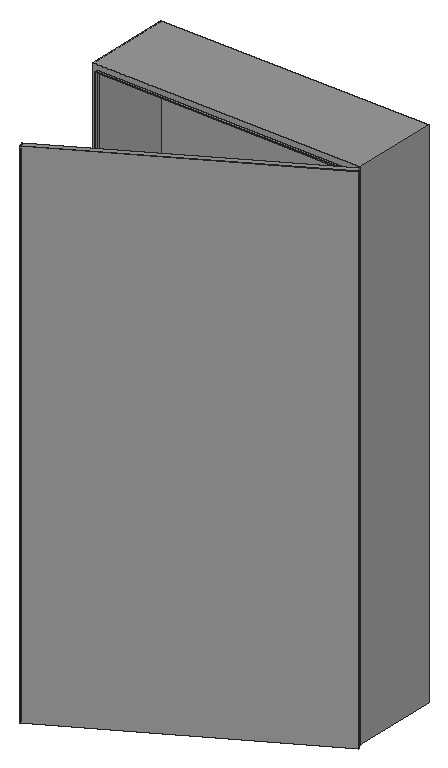
Revit family "Hager-Univers-IP55-D275-H1550-Cl.II-Steel_encl-NoHosted-PT-pt", category Electrical Equipment, Revit 2020
Family settings
  Panel Configuration = Two Columns, Circuits Across
  Round Connector Dimension = Use Diameter
  Part Type = Panelboard
  Work Plane-Based = Yes
  Always vertical = Yes
  Cut with Voids When Loaded = No
  Shared = No
  Room Calculation Point = No
Parameters (values of type "Montagem em superfície (gesso) IP55 L800 A1550 P275  - FR03S")
  Width Control [instance] = if([EF000008 - Largura] > Min Width, [EF000008 - Largura], Min Width)  # 800 mm
  Type Comments = [HG000003 - Gama]  # "Univers"
  Thickness Door [instance] = if([EF009171 - Espessura do material da porta/tampa] > 3 mm, 3 mm, [EF009171 - Espessura do material da porta/tampa])  # 1.5 mm
  Seal Frame Offset [instance] = 17 mm  # constant formula
  Plinth Visibility [instance] = [HG000027 - Altura da Plinta] > 0 mm  # no
  Min Width [instance] = 100 mm  # constant formula
  Min Depth [instance] = (2 * [EF009170 - Espessura do material do invólucro]) + 1 mm  # 4 mm
  Min Height [instance] = 100 mm  # constant formula
  Internal Frame Depth [instance] = (Door System Depth * 0.5)  # 9 mm
  Panel Name [instance] = ""  # (empty or 0)
  Model = ""
  HG000027 - Altura da Plinta = 0 mm
  HG000026 - Instalação no chão = no
  HG000024 - Altura da secção inferior = 600 mm
  HG000023 - Recinto de secção dupla = no
  HG000016 - Visibilidade da porta 3D [instance] = yes
  HG000015 - Visibilidade através da porta [instance] = no
  HG000014 - Porta à direita [instance] = yes
  HG000013 - Porta à esquerda [instance] = not([HG000014 - Porta à direita])  # no
  HG000012 - Ângulo de abertura de porta [instance] = 30.00°
  HG000010 - Portas assimétricas = no
  HG000009 - Porta dupla = no
  HG000006 - Encastrado = no
  HG000004 - Referência do Fabricante = "FR03S"
  HG000003 - Gama = "Univers"
  HG000002 - Com porta ou tampa = yes
  Frame Offset Bottom [instance] = 10 mm  # constant formula
  Frame Offset [instance] = 15 mm  # constant formula
  EF015940 - Tampa com libertação de sobrepressão = no
  EF011959 - Grau de proteção (NEMA) = ""
  EF009554 - Número de aberturas para placas de flange = 6
  EF009212 - Tipo de tampa = "EV000116 - Fechado"
  EF009171 - Espessura do material da porta/tampa = 1.5 mm
  EF009170 - Espessura do material do invólucro = 1.5 mm
  EF008873 - Corrente nominal (In) = 800 A
  EF007800 - Adequado para proteção contra raios = no
  EF006306 - Com fecho = no
  EF006244 - Tampa/porta transparente = no
  EF005474 - Grau de proteção (IP) = "EV006420 - IP55"
  EF004464 - Tipo de porta = "EV002646 - Único"
  EF004427 - Número de módulos = 360
  EF004293 - Força de impacto = "EV008784 - IK10"
  EF003532 - Adequado para uso no exterior = no
  EF002950 - Largura em número de módulos = 24
  EF001613 - Integridade do circuito = "EV000494 - Nenhum"
  EF001596 - Material do corpo = "EV000179 - Aço"
  EF001131 - Profundidade interior = 275 mm
  EF001088 - Extensão possível = yes
  EF000437 - Número de entradas de condutores = 6
  EF000339 - Tipo de difusor = "EV004216 - Porta"
  EF000266 - Número de linhas = 10
  EF000218 - Profundidade incorporada = 0 mm
  EF000118 - Com tampa de montagem = no
  EF000116 - Número RAL = "7035"
  EF000049 - Profundidade = 275 mm
  EF000040 - Altura = 1550 mm
  EF000008 - Largura = 800 mm
  EF000007 - Cor = "EV000270 - Cinzento"
  EF000003 - Método de montagem = "EV000384 - Montagem em superfície (gesso)"
  Door System Leaf Tolerance [instance] = 1.5 mm  # constant formula
  Door System Depth [instance] = 18 mm  # constant formula
  Door Height [instance] = Height Control - [HG000027 - Altura da Plinta]  # 1550 mm
  Description = ""
  Default Elevation = 1219.2 mm
  Connector Offset [instance] = Height Control / 2  # 775 mm
  Manufacturer = "Hager"  # constant formula
  Height Control [instance] = if([EF000040 - Altura] > Min Height, [EF000040 - Altura], Min Height)  # 1550 mm
  Depth Control [instance] = if([EF000049 - Profundidade] > Min Depth, [EF000049 - Profundidade], Min Depth)  # 275 mm
  Bottom Top Plate Trim [instance] = 1.5 mm  # constant formula
  Plinth height Ctrl [instance] = if([HG000027 - Altura da Plinta] > 0 mm, [HG000027 - Altura da Plinta], 12 mm)  # 12 mm
Types (5, lengths in mm): name | Width Control | HG000010 - Portas assimétricas | HG000009 - Porta dupla | HG000004 - Referência do Fabricante | EF009554 - Número de aberturas para placas de flange | EF004464 - Tipo de porta | EF004427 - Número de módulos | EF000437 - Número de entradas de condutores | EF000008 - Largura
  Montagem em superfície (gesso) IP55 L1050 A1550 P275  - FR04S | 1050 | no | yes | "FR04S" | 8 | "EV003602 - Duplo" | 480 | 8 | 1050
  Montagem em superfície (gesso) IP55 L1300 A1550 P275  - FR05S | 1300 | yes | yes | "FR05S" | 10 | "EV003602 - Duplo" | 600 | 10 | 1300
  Montagem em superfície (gesso) IP55 L300 A1550 P275  - FR01S | 300 | no | no | "FR01S" | 2 | "EV002646 - Único" | 120 | 2 | 300
  Montagem em superfície (gesso) IP55 L550 A1550 P275  - FR02S | 550 | no | no | "FR02S" | 4 | "EV002646 - Único" | 240 | 4 | 550
  Montagem em superfície (gesso) IP55 L800 A1550 P275  - FR03S | 800 | no | no | "FR03S" | 6 | "EV002646 - Único" | 360 | 6 | 800
Reference planes
  plane 1 "Center (Front/Back)": y = 0
  plane 2: z = 0
  plane 3 "Center (Left/Right)": x = 0
  plane 4: y = 0
  plane 5: y = 0
  plane 6: z = 0
  plane 7: x = -400
  plane 8: x = 400
  plane 9: x = 398.5
  plane 10: x = -398.5
  plane 11: z = 0
  plane 12: z = 1.5
  plane 13: y = -275
  plane 14: y = -1.5
  plane 15: x = 0
  plane 16: y = -257
  plane 17: y = -273.5
  plane 18: y = -255.5
  plane 19: x = -383.5
  plane 20: x = 383.5
  plane 21: z = 11.5
  plane 22: x = -383
  plane 23: x = 383
  plane 24: z = 0
  plane 25: z = 1550
  plane 26: z = 1550
  plane 27: z = 1533.5
  plane 28: z = 1548.5
Forms (mm)
  Extrusion 1, solid, material "Hager_Steel_RAL7035_Light_Grey", detail levels medium+fine
    sketch origin (-208.679, -4572, 0) x (-1, 0, 0) y (0, -1, 0)
      loop
        line (191.321, -4315) -> (-608.679, -4315) -> (-608.679, -4572) -> (191.321, -4572) -> (191.321, -4315)
    from 0 to 1550
  Extrusion 2, void
    sketch origin (-350.771, -275, 1219.2) x (1, 0, 0) y (0, 0, 1)
      loop
        line (-47.729, 329.3) -> (-47.729, -1217.7) -> (749.271, -1217.7) -> (749.271, 329.3) -> (-47.729, 329.3)
    from -19.5 to -273.5
  Extrusion 3, void
    sketch origin (-290.084, -257, 1219.2) x (1, 0, 0) y (0, 0, 1)
      loop
        line (-93.416, -1207.7) -> (673.584, -1207.7) -> (673.584, 314.3) -> (-93.416, 314.3) -> (-93.416, -1207.7)
    from 0 to -1.5
  Extrusion 4, solid, material "Hager_Steel_RAL7035_Light_Grey", visible <- "Plinth Visibility", detail levels medium+fine
    sketch origin (0, 0, 0) x (1, 0, 0) y (0, 1, 0)
      loop
        line (-400, 0) -> (-400, -257) -> (400, -257) -> (400, 0) -> (-400, 0)
    from 0 to 12 <- "Plinth height Ctrl"
  Extrusion 5, solid, material "Hager_Steel_RAL7035_Light_Grey", detail levels coarse
    sketch origin (0, 0, 0) x (1, 0, 0) y (0, 1, 0)
      loop
        line (-400, 0) -> (-400, -275) -> (400, -275) -> (400, 0) -> (-400, 0)
    from 0 to 1550 <- "Height Control"
  Sweep 6, void
    path in 3D
      loop
        line (-400, -257, 12) -> (400, -257, 12) -> (400, 0, 12) -> (-400, 0, 12) -> (-400, -257, 12)
    profile origin (-400, -128.5, 12) x (1, 0, 0) y (0, 0, 1)
      loop
        line (0, 0) -> (0, -1.5) -> (1.5, -1.5)
        arc (1.5, -1.5) -> (1.061, -0.439) -> (0, 0) r 1.5
  Extrusion 7, solid, material "Hager_Steel_RAL7035_Light_Grey", detail levels fine
    sketch origin (-400, -257, 0) x (1, 0, 0) y (0, 0, 1)
      loop
        line (16.5, 11.5) -> (783.5, 11.5) -> (783.5, 1533.5) -> (16.5, 1533.5) -> (16.5, 11.5)
      loop
        line (15, 10) -> (785, 10) -> (785, 1535) -> (15, 1535) -> (15, 10)
    from 0 to 9 <- "Internal Frame Depth"
Cuts and joins
  Extrusion 2, Extrusion 3 cuts Extrusion 1
  Sweep 6 cuts Extrusion 4
Lines and regions (mm)
  Masking region 1
    outline origin (0, 0, 0) x (1, 0, 0) y (0, 1, 0)
      loop
        line (-400, 0) -> (-400, -275) -> (400, -275) -> (400, 0) -> (-400, 0)
  Masking region 2, detail levels coarse
    outline origin (-290.084, -257, 1219.2) x (-1, 0, 0) y (0, 0, 1)
      loop
        line (-690.084, -1219.2) -> (109.916, -1219.2) -> (109.916, 330.8) -> (-690.084, 330.8) -> (-690.084, -1219.2)
  Masking region 3, detail levels coarse
    outline origin (0, 0, 0) x (0, 1, 0) y (0, 0, 1)
      loop
        line (0, 0) -> (0, 1550) -> (-275, 1550) -> (-275, 0) -> (0, 0)
  Masking region 4, visible <- "Plinth Visibility", detail levels medium+fine
    outline origin (0, 0, 0) x (0, 1, 0) y (0, 0, 1)
      loop
        line (-1.5, 12) -> (-255.5, 12)
        arc (-255.5, 12) -> (-255.939, 10.939) -> (-257, 10.5) r 1.5
        line (-257, 10.5) -> (-257, 0) -> (0, 0) -> (0, 10.5)
        arc (0, 10.5) -> (-1.061, 10.939) -> (-1.5, 12) r 1.5
  Masking region 5, detail levels medium+fine
    outline origin (0, 0, 594.038) x (0, 1, 0) y (0, 0, 1)
      loop
        line (0, -594.038) -> (0, 955.962) -> (-257, 955.962) -> (-257, -594.038) -> (0, -594.038)
  Masking region 6, detail levels medium+fine
    outline origin (-359.7, -257, 1211.883) x (-1, 0, 0) y (0, 0, 1)
      loop
        line (-759.7, -1211.883) -> (40.3, -1211.883) -> (40.3, 338.117) -> (-759.7, 338.117) -> (-759.7, -1211.883)
  Masking region 7, visible <- "Plinth Visibility", detail levels medium+fine
    outline origin (-320.334, -257, 1041.368) x (-1, 0, 0) y (0, 0, 1)
      loop
        line (-720.334, -1041.368) -> (79.666, -1041.368) -> (79.666, -1030.868)
        arc (79.666, -1030.868) -> (78.606, -1030.429) -> (78.166, -1029.368) r 1.5
        line (78.166, -1029.368) -> (-718.834, -1029.368)
        arc (-718.834, -1029.368) -> (-719.273, -1030.429) -> (-720.334, -1030.868) r 1.5
        line (-720.334, -1030.868) -> (-720.334, -1041.368)
  sketch lines
    curve 1: line (-400, 0, 12) -> (-400, -257, 12)
    curve 2: line (-400, -257, 12) -> (400, -257, 12)
    curve 3: line (400, 0, 12) -> (-400, 0, 12)
    curve 4: line (400, -257, 12) -> (400, 0, 12)
Dimensions and locks
  locked: plane 1 "Center (Front/Back)" to plane 5
  "EF009170 - Espessura do material do invólucro": plane 7 to plane 10
  "EF009170 - Espessura do material do invólucro": plane 8 to plane 9
  equal spacing: plane 7, plane 3 "Center (Left/Right)", plane 8
  "Width Control": plane 7 to plane 8
  "Depth Control": plane 4 to plane 13
  "EF009170 - Espessura do material do invólucro": plane 4 to plane 14
  "Height Control": plane 25 to level
  "HG000027 - Altura da Plinta": plane 11 to level
  "EF009170 - Espessura do material do invólucro": plane 12 to plane 11
  "EF009170 - Espessura do material do invólucro": plane 17 to plane 13
  "EF009170 - Espessura do material do invólucro": plane 18 to plane 16
  "Frame Offset Bottom": plane 21 to plane 12
  "Frame Offset": plane 10 to plane 19
  "Frame Offset": plane 9 to plane 20
  "Door System Depth": plane 16 to plane 13
  "Seal Frame Offset": plane 7 to plane 22
  "Seal Frame Offset": plane 8 to plane 23
  "EF009170 - Espessura do material do invólucro": plane 26 to plane 28
  "Frame Offset": plane 28 to plane 27
  "Connector Offset": plane 2 to connector elem
  "Bottom Top Plate Trim": profile plane to Sweep 6 sketch curve
  "Bottom Top Plate Trim": Sweep 6 sketch curve to Sweep 6 sketch curve
  "Plinth height Ctrl": Masking region 4 sketch curve to level
  "Plinth height Ctrl": Masking region 7 sketch curve to level
  "Thickness Door": Extrusion 7 sketch curve to Extrusion 7 sketch curve  (x4)
  "Bottom Top Plate Trim": radius of Sweep 6 sketch curve
  "Bottom Top Plate Trim": radius of Masking region 4 sketch curve  (x2)
  "Bottom Top Plate Trim": radius of Masking region 7 sketch curve  (x2)
  aligned and locked: Extrusion 2 sketch curve to plane 12
  aligned and locked: Extrusion 2 sketch curve to plane 9
  aligned and locked: Extrusion 2 sketch curve to plane 10
  aligned and locked: Extrusion 2 to plane 14
  aligned and locked: Extrusion 1 sketch curve to plane 4
  aligned and locked: plane 8 to Extrusion 1 sketch curve
  aligned and locked: plane 7 to Extrusion 1 sketch curve
  aligned and locked: Extrusion 2 to plane 18
  aligned and locked: Extrusion 3 sketch curve to plane 19
  aligned and locked: plane 20 to Extrusion 3 sketch curve
  aligned and locked: Extrusion 3 to Extrusion 2
  aligned and locked: Extrusion 3 sketch curve to plane 21
  aligned and locked: plane 3 "Center (Left/Right)" to nested 1
  aligned and locked: Extrusion 1 sketch curve to plane 16
  aligned and locked: Extrusion 4 sketch curve to cut or joined group of Extrusion 1, Extrusion 2, Extrusion 3
  aligned and locked: Masking region 1 sketch curve to plane 7
  aligned and locked: Masking region 1 sketch curve to plane 5
  aligned and locked: Masking region 1 sketch curve to plane 8
  aligned and locked: Masking region 2 sketch curve to level
  aligned and locked: level to Masking region 3 sketch curve
  aligned and locked: plane 1 "Center (Front/Back)" to Masking region 3 sketch curve
  aligned and locked: plane 13 to Masking region 3 sketch curve
  aligned and locked: plane 5 to Masking region 4 sketch curve
  aligned and locked: Masking region 2 sketch curve to plane 8
  aligned and locked: Masking region 2 sketch curve to plane 7
  aligned and locked: plane 7 to nested 2
  aligned and locked: nested 2 to plane 5
  aligned and locked: plane 5 to Masking region 5 sketch curve
  aligned and locked: plane 26 to Masking region 5 sketch curve
  aligned and locked: Extrusion 5 sketch curve to plane 8
  aligned and locked: Extrusion 5 sketch curve to plane 7
  aligned and locked: Extrusion 5 sketch curve to plane 5
  aligned and locked: Extrusion 3 sketch curve to plane 27
  aligned and locked: Extrusion 2 sketch curve to plane 28
  aligned and locked: Masking region 2 to plane 25
  aligned and locked: Extrusion 4 to plane 16
  aligned and locked: profile plane to Sweep 6 sketch curve
  aligned and locked: Masking region 5 sketch curve to plane 24
  aligned and locked: level to Masking region 4 sketch curve
  aligned and locked: Masking region 1 to plane 13
  aligned and locked: nested 1 to plane 16
  aligned and locked: Masking region 3 to plane 25
  aligned and locked: plane 16 to Masking region 4 sketch curve
  aligned and locked: Masking region 5 sketch curve to plane 16
  aligned and locked: plane 24 to plane 11
  aligned and locked: plane 26 to plane 25
  aligned and locked: plane 26 to cut or joined group of Extrusion 1, Extrusion 2, Extrusion 3
  aligned and locked: nested 1 to plane 24
  aligned and locked: Extrusion 1 to Extrusion 3
  aligned and locked: Masking region 6 sketch curve to plane 8
  aligned and locked: Masking region 6 sketch curve to plane 24
  aligned and locked: Masking region 6 sketch curve to plane 7
  aligned and locked: Masking region 6 sketch curve to plane 26
  aligned and locked: Masking region 7 sketch curve to plane 7
  aligned and locked: level to Masking region 7 sketch curve
  aligned and locked: Masking region 7 sketch curve to plane 8
  aligned and locked: Extrusion 7 sketch curve to cut or joined group of Extrusion 1, Extrusion 2, Extrusion 3  (x4)
Automatic sketch dimensions
  plane 19 to Extrusion 3 sketch curve = 0 mm
  Extrusion 3 sketch curve to plane 20 = 0 mm
  Extrusion 3 sketch curve to plane 21 = 0 mm
  Extrusion 4 sketch curve to plane 7 = 0 mm
  Extrusion 4 sketch curve to plane 8 = 0 mm
  Extrusion 4 sketch curve to plane 16 = 0 mm
  Masking region 1 sketch curve to plane 13 = 0 mm
  Masking region 2 sketch curve to plane 25 = 0 mm
  Masking region 3 sketch curve to plane 25 = 0 mm
  Extrusion 5 sketch curve to plane 13 = 0 mm
  profile plane to Sweep 6 sketch curve = 0 mm
Nested families
  nested 1: "EC000058_Univers_Door" at (0, -257, 0), Double <- "HG000009 - Porta dupla", Transparent <- "EF006244 - Tampa/porta transparente", Angle <- "HG000012 - Ângulo de abertura de porta", Door_Right <- "HG000014 - Porta à direita", Assymetrical <- "HG000010 - Portas assimétricas", Door <- "HG000002 - Com porta ou tampa", Width_Ctrl <- "Width Control", 3d_Door <- "HG000016 - Visibilidade da porta 3D", Clearance <- "HG000015 - Visibilidade através da porta", Door_Left <- "HG000013 - Porta à esquerda", Width <- "Width Control", Door_Depth <- "Door System Depth", Leaf_Tolerance <- "Door System Leaf Tolerance", Height <- "Door Height", Lock_Visibility <- "EF006306 - Com fecho", Thickness <- "Thickness Door", type "EC000058_Univers_Door", detail levels medium+fine
    with min_wh 4 mm, Width_Ctrl 800 mm, Width 800 mm, Transparent no, Thickness 1.5 mm, Seal_Material Hager_Rubber, Lock_Visibility no, Lock_Material Hager_Plastic_RAL9005_Jet_Black, Leaf_Width 800 mm, Leaf_Tolerance_External_Sides 0 mm, Leaf_Tolerance 1.5 mm, Leaf_Offset 0 mm, Leaf_Height 1547 mm, Leaf_2_Width 800 mm, Leaf_2_Offset 400 mm, Leaf_1_Width 800 mm, Leaf_1_Offset 400 mm, Height_Ctrl 1550 mm, Height 1550 mm, Glass_Material Hager_Glass, Double_Clearance_Ctrl no, Double no, Door_Right_Ctrl yes, Door_Right yes, Door_Material Hager_Steel_RAL7035_Light_Grey, Door_Left_Ctrl no, Door_Left no, Door_Depth 18 mm, Door yes, Clearance_Material Hager_Clearance, Clearance_Depth 800 mm, Clearance_Ctrl no, Clearance no, Assymetrical no, Angle 30.00°, 3d_Door yes
  nested 2: "Hager_Enclosure_Symbol" at (-400, 0, 0), Height <- "Depth Control", Width <- "Width Control", type "Hager_Enclosure_Symbol"
    with Width_Ctrl 800 mm, Width 800 mm, Height_Ctrl 275 mm, Height 275 mm, A_Width_Int 18.047 mm, A_Width 216.562 mm, A_Height_Ctrl 240.625 mm, A_Height 240.625 mm
Connectors
  electrical at (0, 0, 775)
    settings: on plane 1 "Center (Front/Back)", index 1, voltage 0 V, apparent load 0 VA, apparent load phase1 0 VA, apparent load phase2 0 VA, apparent load phase3 0 VA, power factor 1, load classification "Other", number of poles 1, system type 30, power factor state 1, is connector primary yes, connector utility no, sub classification motor no, connector description ""
Definition of nested family "EC000058_Univers_Door"
  Parameters (values of type "EC000058_Univers_Door")
    min_wh [instance] = (2 * Thickness) + 1 mm  # 11 mm
    Width_Ctrl [instance] = 400 mm
    Width [instance] = 500 mm
    Transparent [instance] = yes
    Thickness [instance] = 5 mm
    Seal_Material [instance] = none
    Lock_Visibility [instance] = yes
    Lock_Material [instance] = none
    Leaf_Width [instance] = if((Width_Ctrl - 2 * Leaf_Tolerance_External_Sides) > 0 mm, (Width_Ctrl - 2 * Leaf_Tolerance_External_Sides), min_wh)  # 400 mm
    Leaf_Tolerance_External_Sides [instance] = 0 mm  # constant formula
    Leaf_Tolerance [instance] = 1.5 mm
    Leaf_Offset [instance] = 0 mm  # constant formula
    Leaf_Height [instance] = if((Height_Ctrl - 2 * Leaf_Tolerance) > 0 mm, (Height_Ctrl - 2 * Leaf_Tolerance), min_wh)  # 497 mm
    Leaf_2_Width [instance] = if(and(and(Double, Assymetrical), Door_Left), (Leaf_Width / 3) - (Leaf_Tolerance / 2), if(and(and(Double, Assymetrical), Door_Right), (Leaf_Width / 3) * 2 - (Leaf_Tolerance / 2), if(and(Double, not(Assymetrical)), (Leaf_Width / 2) - Leaf_Tolerance, Leaf_Width)))  # 400 mm
    Leaf_2_Offset [instance] = if(and(Double, Assymetrical), Leaf_2_Width / 2, if(and(Double, not(Assymetrical)), Leaf_Width / 4, Leaf_Width / 2))  # 200 mm
    Leaf_1_Width [instance] = if(and(and(Double, Assymetrical), Door_Right), (Leaf_Width / 3) - (Leaf_Tolerance / 2), if(and(and(Double, Assymetrical), Door_Left), (Width / 3) * 2 - (Leaf_Tolerance / 2), if(and(Double, not(Assymetrical)), (Leaf_Width / 2) - Leaf_Tolerance, Leaf_Width)))  # 400 mm
    Leaf_1_Offset [instance] = if(and(Double, Assymetrical), Leaf_1_Width / 2, if(and(Double, not(Assymetrical)), Leaf_Width / 4, Leaf_Width / 2))  # 200 mm
    Height_Ctrl [instance] = if(Height > min_wh, Height, min_wh)  # 500 mm
    Height [instance] = 500 mm
    Glass_Material [instance] = none
    Double_Clearance_Ctrl [instance] = and(Double, Clearance)  # no
    Double [instance] = no
    Door_Right_Ctrl [instance] = and(or(Door_Right, Double), Door)  # yes
    Door_Right [instance] = yes
    Door_Material [instance] = none
    Door_Left_Ctrl [instance] = and(or(Door_Left, Double), Door)  # no
    Door_Left [instance] = no
    Door_Depth [instance] = 30 mm
    Door [instance] = yes
    Default Elevation = 1219.2 mm
    Clearance_Material [instance] = none
    Clearance_Depth [instance] = if(Leaf_1_Width > Leaf_2_Width, Leaf_1_Width, Leaf_2_Width)  # 400 mm
    Clearance_Ctrl [instance] = and(not(Double), Clearance)  # yes
    Clearance [instance] = yes
    Assymetrical [instance] = yes
    Angle [instance] = 30.00°
    3d_Door [instance] = yes
  Reference planes
    plane 1 "Center (Front/Back)": y = 0
    plane 2 "Bottom": z = 0
    plane 3 "Center (Left/Right)": x = 0
    plane 4: z = 500
    plane 5: x = -200
    plane 6: x = 200
    plane 7: z = 500
    plane 8: x = -200
    plane 9: z = 0
    plane 10: x = 200
    plane 11: y = 0
    plane 12: z = 1.5
    plane 13: x = -600
    plane 14: y = -400
    plane 15: x = 600
    plane 16: x = 0
    plane 17: x = 0
    plane 18: x = -200
    plane 19: x = 200
    plane 20: z = 498.5
  Forms (mm)
    Extrusion 1, solid, material <- "Clearance_Material", visible <- "Double_Clearance_Ctrl"
      sketch origin (1200, 0, 0) x (1, 0, 0) y (0, 0, -1)
        loop
          line (-1800, -498.5) -> (-600, -498.5) -> (-600, 0) -> (-1800, 0) -> (-1800, -498.5)
      from 0 to -400
  Dimensions and locks
    equal spacing: plane 5, plane 3 "Center (Left/Right)", plane 6
    "Width_Ctrl": plane 5 to plane 6
    "Leaf_Offset": plane 5 to plane 8
    "Leaf_Offset": plane 6 to plane 10
    "Leaf_Offset": plane 9 to level
    "Leaf_Offset": plane 4 to plane 7
    "Height_Ctrl": plane 4 to level
    "Leaf_Tolerance": plane 12 to plane 9
    locked: plane 11 to plane 1 "Center (Front/Back)"
    "Leaf_1_Offset": plane 18 to plane 16
    "Leaf_2_Offset": plane 17 to plane 19
    "Leaf_1_Width": plane 13 to plane 8
    "Leaf_2_Width": plane 10 to plane 15
    "Clearance_Depth": plane 14 to plane 1 "Center (Front/Back)"
    "Leaf_Tolerance_External_Sides": plane 8 to plane 18
    "Leaf_Tolerance_External_Sides": plane 19 to plane 10
    "Leaf_Tolerance": plane 7 to plane 20
    aligned and locked: level to plane 2 "Bottom"
    aligned and locked: nested 1 to plane 16
    aligned and locked: nested 2 to plane 17
    aligned and locked: Extrusion 1 to plane 13
    aligned and locked: plane 15 to Extrusion 1
    aligned and locked: Extrusion 1 to plane 14
    aligned and locked: plane 12 to nested 1
    aligned and locked: nested 2 to plane 12
    aligned and locked: Extrusion 1 to plane 11
    aligned and locked: plane 20 to Extrusion 1
    aligned and locked: nested 2 to plane 11
    aligned and locked: nested 1 to plane 11
  Automatic sketch dimensions
    Extrusion 1 sketch curve to level = 0 mm
    plane 5 to Extrusion 1 sketch curve = 400 mm
    plane 6 to Extrusion 1 sketch curve = 400 mm
    Extrusion 1 sketch curve to plane 4 = 1.5 mm
  Nested families
    nested 1: "EC000058_Univers_Door_Leaf" at (0, 0, 1.5), Width <- "Leaf_1_Width", visible <- "Door_Left_Ctrl", Leaf_Height <- "Leaf_Height", Angle <- "Angle", 3d_Door <- "3d_Door", Transparent <- "Transparent", Clearance Material <- "Clearance_Material", Clearance <- "Clearance_Ctrl", Door_Material <- "Door_Material", Glass_Material <- "Glass_Material", Door_Depth <- "Door_Depth", Lock_Material <- "Lock_Material", Seal_Material <- "Seal_Material", Lock_Visibility <- "Lock_Visibility", Thickness <- "Thickness", type "EC000058_Univers_Door_Leaf"
      with Width 400 mm, Transparent_Glass_Offset 30 mm, Transparent_Ctrl yes, Transparent yes, Thickness 5 mm, Standard no, Seal_Material none, Seal_D2 8 mm, Seal_D1 1 mm, Offset_Internal_Frame 10 mm, Lock_Width 20 mm, Lock_Visibility_3d yes, Lock_Visibility yes, Lock_Thickness_3 3 mm, Lock_Thickness_2 1 mm, Lock_Thickness_1 3 mm, Lock_Radius_Offset_2 16 mm, Lock_Radius_Offset_1 15 mm, Lock_Radius_2 5 mm, Lock_Radius 6 mm, Lock_Offset 5 mm, Lock_Material none, Lock_Height 80 mm, Lock_Cover_Top_Offset_2d 17 mm, Lock_Cover_Height -65 mm, Leaf_Height 497 mm, Internal_Seal_Thickness 8 mm, Internal_Seal_Depth_2 4.5 mm, Internal_Frame_Depth 25 mm, Glass_Thickness -1 mm, Glass_Offset -2 mm, Glass_Material none, Door_Material none, Door_Depth 30 mm, Clearance Material none, Clearance yes, Angle_Ctrl 30.00°, Angle 30.00°, 3d_Door yes
    nested 2: "EC000058_Univers_Door_Leaf" at (0, 0, 1.5) x (-1, 0, 0) z (0, 0, 1), Width <- "Leaf_2_Width", visible <- "Door_Right_Ctrl", Leaf_Height <- "Leaf_Height", Angle <- "Angle", 3d_Door <- "3d_Door", Transparent <- "Transparent", Clearance Material <- "Clearance_Material", Clearance <- "Clearance_Ctrl", Door_Material <- "Door_Material", Glass_Material <- "Glass_Material", Door_Depth <- "Door_Depth", Lock_Material <- "Lock_Material", Seal_Material <- "Seal_Material", Lock_Visibility <- "Lock_Visibility", Thickness <- "Thickness", type "EC000058_Univers_Door_Leaf"
      with Width 400 mm, Transparent_Glass_Offset 30 mm, Transparent_Ctrl yes, Transparent yes, Thickness 5 mm, Standard no, Seal_Material none, Seal_D2 8 mm, Seal_D1 1 mm, Offset_Internal_Frame 10 mm, Lock_Width 20 mm, Lock_Visibility_3d yes, Lock_Visibility yes, Lock_Thickness_3 3 mm, Lock_Thickness_2 1 mm, Lock_Thickness_1 3 mm, Lock_Radius_Offset_2 16 mm, Lock_Radius_Offset_1 15 mm, Lock_Radius_2 5 mm, Lock_Radius 6 mm, Lock_Offset 5 mm, Lock_Material none, Lock_Height 80 mm, Lock_Cover_Top_Offset_2d 17 mm, Lock_Cover_Height -65 mm, Leaf_Height 497 mm, Internal_Seal_Thickness 8 mm, Internal_Seal_Depth_2 4.5 mm, Internal_Frame_Depth 25 mm, Glass_Thickness -1 mm, Glass_Offset -2 mm, Glass_Material none, Door_Material none, Door_Depth 30 mm, Clearance Material none, Clearance yes, Angle_Ctrl 30.00°, Angle 30.00°, 3d_Door yes
  Definition of nested family "EC000058_Univers_Door_Leaf"
    Parameters (values of type "EC000058_Univers_Door_Leaf")
      Width [instance] = 2000 mm
      Transparent_Glass_Offset [instance] = 30 mm
      Transparent_Ctrl [instance] = and(Transparent, [3d_Door])  # yes
      Transparent [instance] = yes
      Thickness [instance] = 5 mm
      Standard [instance] = and(not(Transparent), [3d_Door])  # no
      Seal_Material [instance] = none
      Seal_D2 [instance] = 8 mm  # constant formula
      Seal_D1 [instance] = 1 mm  # constant formula
      Offset_Internal_Frame [instance] = 10 mm  # constant formula
      Lock_Width [instance] = 20 mm  # constant formula
      Lock_Visibility_3d [instance] = and(Lock_Visibility, [3d_Door])  # yes
      Lock_Visibility [instance] = yes
      Lock_Thickness_3 [instance] = 3 mm  # constant formula
      Lock_Thickness_2 [instance] = 1 mm  # constant formula
      Lock_Thickness_1 [instance] = 3 mm  # constant formula
      Lock_Radius_Offset_2 [instance] = Lock_Radius_Offset_1 + 1 mm  # 16 mm
      Lock_Radius_Offset_1 [instance] = 15 mm  # constant formula
      Lock_Radius_2 [instance] = Lock_Radius - 1 mm  # 5 mm
      Lock_Radius [instance] = 6 mm  # constant formula
      Lock_Offset [instance] = 5 mm  # constant formula
      Lock_Material [instance] = none
      Lock_Height [instance] = 80 mm  # constant formula
      Lock_Cover_Top_Offset_2d [instance] = Lock_Radius_Offset_2 + 1 mm  # 17 mm
      Lock_Cover_Height [instance] = -(Lock_Height - Lock_Radius_Offset_1)  # -65 mm
      Leaf_Height [instance] = 2720.336 mm
      Internal_Seal_Thickness [instance] = 8 mm  # constant formula
      Internal_Seal_Depth_2 [instance] = 4.5 mm  # constant formula
      Internal_Frame_Depth [instance] = if(Door_Depth - Thickness > 5 mm, Door_Depth - Thickness, 5 mm)  # 25 mm
      Glass_Thickness [instance] = if(Thickness > 15 mm, Glass_Offset + 10 mm, -1 mm)  # -1 mm
      Glass_Offset [instance] = if(Thickness > 15 mm, -(Thickness + 10 mm) / 2, -2 mm)  # -2 mm
      Glass_Material [instance] = none
      Door_Material [instance] = none
      Door_Depth [instance] = 30 mm
      Default Elevation = 0 mm
      Clearance Material [instance] = none
      Clearance [instance] = yes
      Angle_Ctrl [instance] = if(Angle > 180.00°, 180.00°, Angle)  # 90.00°
      Angle [instance] = 90.00°
      3d_Door [instance] = yes
    Reference planes
      plane 1 "Center (Front/Back)": y = 0
      plane 2: z = 0
      plane 3 "Center (Left/Right)": x = 0
      plane 4: y = 2000
      plane 5: x = -1000
      plane 6: x = 1000
      plane 7: x = -3000
      plane 8: z = 2720.336
      plane 9: z = 30
      plane 10: z = 2690.336
      plane 11: x = 970
      plane 12: x = -970
      plane 13: y = -3
      plane 14: z = 107.833
      plane 15: y = -5
      plane 16: y = -223.314
      plane 17: x = -1000
      plane 18: z = 1360.168
      plane 19: y = 30
    Forms (mm)
      Extrusion 1, solid, material <- "Clearance Material", visible <- "Clearance"
        sketch origin (0, 0, 0) x (1, 0, 0) y (0, 0, 1)
          loop
            line (-3000, 2720.336) -> (-3000, 0) -> (1000, 0) -> (1000, 2720.336) -> (-3000, 2720.336)
        from 0 to -2000
      Extrusion 2, solid, material <- "Door_Material", visible <- "Standard", detail levels medium+fine
        sketch origin (-1000, 0, 0) x (0, 1, 0) y (-1, 0, 0)
          loop
            line (0, 30) -> (0, 25) -> (2000, 25) -> (2000, 30) -> (0, 30)
        from 0 to 2720.336 <- "Leaf_Height"
      Extrusion 3, solid, material <- "Door_Material", visible <- "Transparent_Ctrl", detail levels medium+fine
        sketch origin (-1000, 0, 0) x (0, 1, 0) y (-1, 0, 0)
          loop
            line (0, 25) -> (2000, 25) -> (2000, 30) -> (0, 30) -> (0, 25)
        from 0 to 2720.336 <- "Leaf_Height"
      Extrusion 4, void
        sketch origin (-1025, 2000, 0) x (0, 1, 0) y (0, 0, -1)
          loop
            line (-30, -2690.336) -> (-30, -30) -> (-1970, -30) -> (-1970, -2690.336) -> (-30, -2690.336)
        from 0 to 5 <- "Thickness"
      Sweep 5, solid, material <- "Seal_Material", visible <- "Transparent_Ctrl", detail levels fine
        path in 3D
          loop
            line (-1025, 30, 30) -> (-1025, 30, 2690.336) -> (-1025, 1970, 2690.336) -> (-1025, 1970, 30) -> (-1025, 30, 30)
        profile origin (-1025, 1000, 30) x (1, 0, 0) y (0, 0, 1)
          loop
            line (0, 0) -> (0, -8) -> (1, -8) -> (1, 0) -> (0, 0)
      Extrusion 6, solid, material <- "Glass_Material", visible <- "Transparent_Ctrl", detail levels medium+fine
        sketch origin (-1030, 0, 0) x (0, 1, 0) y (0, 0, -1)
          loop
            line (1970, -2690.336) -> (1970, -30) -> (30, -30) -> (30, -2690.336) -> (1970, -2690.336)
        from -2 <- "Glass_Offset" to -1 <- "Glass_Thickness"
      Extrusion 7, solid, material <- "Door_Material", visible <- "3d_Door", detail levels medium+fine
        sketch origin (-1025, 2000, 0) x (0, -1, 0) y (0, 0, -1)
          loop
            line (0, -2720.336) -> (2000, -2720.336) -> (2000, 0) -> (0, 0) -> (0, -2720.336)
          loop
            line (1995, -5) -> (5, -5) -> (5, -2715.336) -> (1995, -2715.336) -> (1995, -5)
        from 0 to 25 <- "Internal_Frame_Depth"
      Sweep 8, solid, material <- "Seal_Material", visible <- "Transparent_Ctrl", detail levels fine
        path in 3D
          loop
            line (-1025, 0, 0) -> (-1025, 2000, 0) -> (-1025, 2000, 2720.336) -> (-1025, 0, 2720.336) -> (-1025, 0, 0)
        profile origin (-1025, 0, 1360.168) x (1, 0, 0) y (0, 1, 0)
          loop
            line (0, 10) -> (2.975, 10)
            arc (2.975, 10) -> (4.053, 10.447) -> (4.5, 11.525) r 1.525
            line (4.5, 11.525) -> (4.5, 16.527)
            arc (4.5, 16.527) -> (4.069, 17.569) -> (3.027, 18) r 1.473
            line (3.027, 18) -> (0, 18) -> (0, 10)
      Extrusion 9, solid, material <- "Lock_Material", visible <- "Lock_Visibility_3d", detail levels fine
        sketch origin (-1030, 0, 0) x (0, 1, 0) y (0, 0, -1)
          loop
            arc (1993.5, -1400.168) -> (1994.561, -1399.729) -> (1995, -1398.668) r 1.5
            line (1995, -1398.668) -> (1995, -1320.168) -> (1975, -1320.168) -> (1975, -1398.668)
            arc (1975, -1398.668) -> (1975.439, -1399.729) -> (1976.5, -1400.168) r 1.5
            line (1976.5, -1400.168) -> (1993.5, -1400.168)
        from 3 <- "Lock_Thickness_1" to 0
      Blend 10, solid, material <- "Lock_Material", visible <- "Lock_Visibility_3d", detail levels fine
        base sketch origin (-1033, 0, 0) x (0, 1, 0) y (0, 0, -1)
          loop
            line (1975, -1320.168) -> (1975, -1398.668)
            arc (1975, -1398.668) -> (1975.439, -1399.729) -> (1976.5, -1400.168) r 1.5
            line (1976.5, -1400.168) -> (1993.5, -1400.168)
            arc (1993.5, -1400.168) -> (1994.561, -1399.729) -> (1995, -1398.668) r 1.5
            line (1995, -1398.668) -> (1995, -1320.168) -> (1975, -1320.168)
        top sketch origin (-1033, 0, 0) x (0, 1, 0) y (0, 0, -1)
          loop
            line (1976, -1320.168) -> (1976, -1398.668)
            arc (1976, -1398.668) -> (1976.146, -1399.022) -> (1976.5, -1399.168) r 0.5
            line (1976.5, -1399.168) -> (1993.5, -1399.168)
            arc (1993.5, -1399.168) -> (1993.854, -1399.022) -> (1994, -1398.668) r 0.5
            line (1994, -1398.668) -> (1994, -1320.168) -> (1976, -1320.168)
        from 0 to 1 <- "Lock_Thickness_2"
      Blend 11, solid, material <- "Lock_Material", visible <- "Lock_Visibility_3d", detail levels fine
        base sketch origin (-1034, 0, 0) x (0, 1, 0) y (0, 0, -1)
          loop
            line (1978, -1320.168) -> (1978, -1384.168)
            arc (1978, -1384.168) -> (1985, -1391.168) -> (1992, -1384.168) r 7
            line (1992, -1384.168) -> (1992, -1320.168) -> (1978, -1320.168)
        top sketch origin (-1034, 0, 0) x (0, 1, 0) y (0, 0, -1)
          loop
            line (1991, -1320.168) -> (1979, -1320.168) -> (1979, -1383.168)
            arc (1979, -1383.168) -> (1985, -1389.168) -> (1991, -1383.168) r 6
            line (1991, -1383.168) -> (1991, -1320.168)
        from 0 to 3 <- "Lock_Thickness_3"
      Extrusion 12, solid, material <- "Lock_Material", visible <- "Lock_Visibility_3d", detail levels fine
        sketch origin (-1030, 1975, 1320.168) x (1, 0, 0) y (0, -1, 0)
          loop
            line (-7, -19) -> (-7, -1) -> (0, -1) -> (0, 0) -> (-8, 0) -> (-8, -20) -> (0, -20) -> (0, -19) -> (-7, -19)
        from 0 to -65 <- "Lock_Cover_Height"
      Extrusion 13, void
        sketch origin (-1038, 1995, 1320.168) x (-1, 0, 0) y (0, 0, -1)
          loop
            line (-5, -65) -> (0, -65) -> (-5, -60) -> (-5, -65)
        from 0 to 20 <- "Lock_Width"
      Extrusion 14, void
        sketch origin (-1038, 1975, 1320.168) x (0, -1, 0) y (0, 0, -1)
          loop
            circle (-10, -15.995) r 6
          loop
            circle (-10, -15.995) r 5
        from 0 to 2
      Extrusion 15, solid, material <- "Lock_Material", visible <- "Lock_Visibility_3d", detail levels medium
        sketch origin (-1030, 0, 0) x (0, 1, 0) y (0, 0, -1)
          loop
            arc (1993.5, -1400.168) -> (1994.561, -1399.729) -> (1995, -1398.668) r 1.5
            line (1995, -1398.668) -> (1995, -1320.168) -> (1975, -1320.168) -> (1975, -1398.668)
            arc (1975, -1398.668) -> (1975.439, -1399.729) -> (1976.5, -1400.168) r 1.5
            line (1976.5, -1400.168) -> (1993.5, -1400.168)
        from 8 to 0
    Cuts and joins
      Extrusion 4 cuts Extrusion 3
      Extrusion 13, Extrusion 14 cuts Extrusion 9
      Extrusion 14 cuts Blend 11
      Extrusion 13, Extrusion 14 cuts Extrusion 12
      joined: Extrusion 9, Blend 10, Blend 11, Extrusion 12
      Extrusion 14 cuts Extrusion 15
    Lines and regions (mm)
      Masking region 1, visible <- "Lock_Visibility", detail levels fine
        outline origin (0, 0, 0) x (0, 1, 0) y (0, 0, 1)
          loop
            line (30, 1320.168) -> (33, 1320.168) -> (33, 1400.168) -> (30, 1400.168) -> (30, 1320.168)
      Masking region 2, visible <- "Lock_Visibility", detail levels fine
        outline origin (0, 3.143, 0) x (0, 1, 0) y (0, 0, 1)
          loop
            line (29.857, 1354.168) -> (30.857, 1354.168) -> (30.857, 1366.168) -> (29.857, 1366.168) -> (29.857, 1354.168)
      Masking region 3, detail levels medium+fine
        outline origin (0, 0, 0) x (0, 1, 0) y (0, 0, 1)
          loop
            line (0, 0) -> (30, 0) -> (30, 2720.336) -> (0, 2720.336) -> (0, 0)
      Masking region 4, detail levels medium+fine
        outline origin (0, 0, 0) x (1, 0, 0) y (0, 0, 1)
          loop
            line (-1000, 2720.336) -> (-1000, 0) -> (1000, 0) -> (1000, 2720.336) -> (-1000, 2720.336)
      Masking region 5, visible <- "Lock_Visibility", detail levels fine
        outline origin (-47.116, 0, 0) x (1, 0, 0) y (0, 0, 1)
          loop
            arc (1024.616, 1399.168) -> (1023.556, 1398.729) -> (1023.116, 1397.668) r 1.5
            line (1023.116, 1397.668) -> (1023.116, 1320.168) -> (1041.116, 1320.168) -> (1041.116, 1397.668)
            arc (1041.116, 1397.668) -> (1040.677, 1398.729) -> (1039.616, 1399.168) r 1.5
            line (1039.616, 1399.168) -> (1024.616, 1399.168)
      Masking region 6, visible <- "Lock_Visibility", detail levels medium+fine
        outline origin (-25, 0, 0) x (1, 0, 0) y (0, 0, 1)
          loop
            arc (1001.5, 1400.168) -> (1000.439, 1399.729) -> (1000, 1398.668) r 1.5
            line (1000, 1398.668) -> (1000, 1320.168) -> (1020, 1320.168) -> (1020, 1398.668)
            arc (1020, 1398.668) -> (1019.561, 1399.729) -> (1018.5, 1400.168) r 1.5
            line (1018.5, 1400.168) -> (1001.5, 1400.168)
      Masking region 7, visible <- "Lock_Visibility", detail levels fine
        outline origin (-73.735, 0, 0) x (1, 0, 0) y (0, 0, 1)
          loop
            line (1051.735, 1382.168) -> (1065.735, 1382.168) -> (1065.735, 1384.168)
            arc (1065.735, 1384.168) -> (1058.735, 1391.168) -> (1051.735, 1384.168) r 7
            line (1051.735, 1384.168) -> (1051.735, 1382.168)
      Masking region 8, visible <- "Lock_Visibility", detail levels fine
        outline origin (-73.735, 0, 0) x (1, 0, 0) y (0, 0, 1)
          loop
            line (1052.735, 1382.168) -> (1064.735, 1382.168) -> (1064.735, 1383.168)
            arc (1064.735, 1383.168) -> (1058.735, 1389.168) -> (1052.735, 1383.168) r 6
            line (1052.735, 1383.168) -> (1052.735, 1382.168)
      Masking region 9, visible <- "Lock_Visibility", detail levels fine
        outline origin (-25, 0, 0) x (1, 0, 0) y (0, 0, 1)
          loop
            line (1020, 1320.168) -> (1020, 1382.168) -> (1000, 1382.168) -> (1000, 1320.168) -> (1020, 1320.168)
      Masking region 10, detail levels medium+fine
        outline origin (0, 0, 0) x (1, 0, 0) y (0, 0, 1)
          loop
            circle (985, 1335.144) r 6
      Masking region 11, detail levels fine
        outline origin (0, 0, 0) x (1, 0, 0) y (0, 0, 1)
          loop
            circle (985, 1335.144) r 5
      Masking region 12, visible <- "Lock_Visibility", detail levels fine
        outline origin (0, 12.767, 0) x (0, 1, 0) y (0, 0, 1)
          loop
            line (20.233, 1320.168) -> (21.233, 1320.168) -> (21.233, 1399.168) -> (20.233, 1400.168) -> (20.233, 1320.168)
      Masking region 13, visible <- "Lock_Visibility", detail levels fine
        outline origin (0, 13.767, -10) x (0, 1, 0) y (0, 0, 1)
          loop
            line (20.233, 1330.168) -> (23.233, 1330.168) -> (23.233, 1399.168) -> (20.233, 1402.168) -> (20.233, 1330.168)
      Masking region 14, visible <- "Lock_Visibility", detail levels fine
        outline origin (0, 12.767, -10) x (0, 1, 0) y (0, 0, 1)
          loop
            line (20.233, 1330.168) -> (25.233, 1330.168) -> (25.233, 1399.305) -> (20.233, 1394.305) -> (20.233, 1330.168)
      Masking region 15, visible <- "Lock_Visibility", detail levels medium
        outline origin (0, 0, 0) x (0, 1, 0) y (0, 0, 1)
          loop
            line (30, 1320.168) -> (38, 1320.168) -> (38, 1400.168) -> (30, 1400.168) -> (30, 1320.168)
      Masking region 16, visible <- "Lock_Visibility", detail levels fine
        outline origin (-1000, 0, 0) x (0, 1, 0) y (-1, 0, 0)
          loop
            line (1975, 30) -> (1995, 30) -> (1995, 38) -> (1975, 38) -> (1975, 30)
          loop
            line (1979, 37) -> (1976, 37) -> (1976, 34) -> (1978, 34) -> (1979, 37)
          loop
            line (1994, 37) -> (1991, 37) -> (1992, 34) -> (1994, 34) -> (1994, 37)
      Masking region 17, visible <- "Lock_Visibility", detail levels medium
        outline origin (-1000, 0, 0) x (0, 1, 0) y (-1, 0, 0)
          loop
            line (1975, 30) -> (1995, 30) -> (1995, 38) -> (1975, 38) -> (1975, 30)
      symbolic lines
        curve 1: line (1000, 0, 0) -> (-3000, 0, 0)
        curve 2: arc (1000, 0, 0) -> (-1000, 2000, 0) -> (-3000, 0, 0) r 2000
        curve 4: line (-1030, 0, 0) -> (-1030, 2000, 0)
      reference lines
        curve 3: line (-1000, 0, 0) -> (-1000, 2000, 0)
      symbolic lines, detail levels medium+fine
        curve 5: line (-1030, 2000, 0) -> (-1025, 2000, 0)
        curve 7: line (-1025, 0, 0) -> (-1030, 0, 0)
        curve 8: line (-1025, 0, 0) -> (-1000, 0, 0)
        curve 9: line (-1000, 0, 0) -> (-1000, 2000, 0)
        curve 10: line (-1000, 2000, 0) -> (-1025, 2000, 0)
      symbolic lines, detail levels fine
        curve 6: line (-1025, 2000, 0) -> (-1025, 0, 0)
      sketch lines
        curve 11: line (-1025, 0, 2720.336) -> (-1025, 0, 0)
        curve 12: line (-1025, 2000, 0) -> (-1025, 0, 0)
        curve 13: line (-1025, 2000, 2720.336) -> (-1025, 2000, 0)
        curve 14: line (-1025, 0, 2720.336) -> (-1025, 2000, 2720.336)
        curve 15: line (-1025, 1970, 30) -> (-1025, 30, 30)
        curve 16: line (-1025, 30, 30) -> (-1025, 30, 2690.336)
        curve 17: line (-1025, 1970, 2690.336) -> (-1025, 1970, 30)
        curve 18: line (-1025, 30, 2690.336) -> (-1025, 1970, 2690.336)
      symbolic lines, visible <- "Transparent", detail levels medium+fine
        curve 19: line (-970, 0, 2690.336) -> (970, 0, 2690.336)
        curve 20: line (-970, 0, 30) -> (-970, 0, 2690.336)
        curve 21: line (970, 0, 30) -> (-970, 0, 30)
        curve 22: line (970, 0, 2690.336) -> (970, 0, 30)
    Dimensions and locks
      "Width": plane 1 "Center (Front/Back)" to plane 4
      equal spacing: plane 5, plane 3 "Center (Left/Right)", plane 6
      "Width": plane 5 to plane 6
      "Width": plane 7 to plane 5
      "Leaf_Height": plane 8 to level
      "Width": curve 5 to curve 3
      "Width": curve 3 to curve 3
      plane 8 to plane 10 = 30 mm
      plane 9 to level = 30 mm
      plane 12 to plane 5 = 30 mm
      plane 6 to plane 11 = 30 mm
      Extrusion 1 to Extrusion 4 sketch curve = 30 mm
      "Transparent_Glass_Offset": curve 3 to Extrusion 4 sketch curve
      "Transparent_Glass_Offset": Extrusion 4 sketch curve to cut or joined group of Extrusion 3, Extrusion 4  (x2)
      cut or joined group of Extrusion 3, Extrusion 4 to Extrusion 6 sketch curve = 30 mm
      "Transparent_Glass_Offset": cut or joined group of Extrusion 3, Extrusion 4 to Extrusion 4 sketch curve
      "Thickness": curve 6 to curve 4
      "Thickness": Extrusion 7 sketch curve to Extrusion 7 sketch curve  (x4)
      "Door_Depth": curve 4 to curve 3
      "Offset_Internal_Frame": profile plane to Sweep 8 sketch curve
      "Internal_Seal_Thickness": Sweep 8 sketch curve to Sweep 8 sketch curve
      "Internal_Seal_Depth_2": profile plane to Sweep 8 sketch curve
      "Seal_D1": profile plane to Sweep 5 sketch curve
      "Seal_D2": profile plane to Sweep 5 sketch curve
      "Thickness": Extrusion 2 sketch curve to Extrusion 2 sketch curve
      equal spacing: Extrusion 9 sketch curve, plane 18, Extrusion 9 sketch curve  (x2)
      equal spacing: Masking region 1 sketch curve, plane 18, Masking region 1 sketch curve
      "Lock_Height": Masking region 1 sketch curve to Masking region 1 sketch curve
      "Lock_Radius": Masking region 2 sketch curve to plane 18 to Masking region 2 sketch curve
      Masking region 2 sketch curve to Masking region 1 = 1 mm
      "Door_Depth": plane 19 to plane 1 "Center (Front/Back)"
      "Lock_Thickness_1": Masking region 1 sketch curve to plane 19
      "Lock_Width": Extrusion 9 sketch curve to Extrusion 9 sketch curve
      "Lock_Height": Extrusion 9 sketch curve to Extrusion 9 sketch curve
      "Lock_Offset": cut or joined group of Extrusion 3, Extrusion 4 to Extrusion 9 sketch curve
      equal spacing: plane 8, plane 18, level
      "Lock_Radius_Offset_1": Blend 11 sketch curve to Blend 10
      locked: Blend 10 to Blend 11 sketch curve at 2  (x2)
      locked: var sketch to Blend 11 sketch curve at 1  (x2)
      "Lock_Radius_Offset_2": Blend 11 sketch curve to Blend 10
      locked: Extrusion 12 sketch curve to Extrusion 12 sketch curve at 1  (x3)
      Masking region 6 sketch curve to Masking region 6 sketch curve = 80 mm
      "Lock_Height": Masking region 6 sketch curve to Masking region 6 sketch curve
      "Lock_Width": Masking region 6 sketch curve to Masking region 6 sketch curve
      locked: Masking region 6 to Masking region 5 sketch curve at 1  (x3)
      locked: Masking region 5 to Masking region 7 sketch curve at 2  (x2)
      "Lock_Radius_Offset_1": Masking region 5 to Masking region 7 sketch curve
      "Lock_Radius_Offset_2": Masking region 5 to Masking region 8 sketch curve
      locked: Masking region 7 to Masking region 8 sketch curve at 1  (x2)
      "Lock_Cover_Top_Offset_2d": Masking region 5 to Masking region 9 sketch curve
      equal spacing: Masking region 9, Masking region 10 sketch curve, Masking region 9
      equal spacing: Masking region 9, Masking region 11 sketch curve, Masking region 9
      Extrusion 15 sketch curve to Extrusion 15 sketch curve = 80 mm
      "Lock_Width": Extrusion 15 sketch curve to Extrusion 15 sketch curve
      "Lock_Height": Extrusion 15 sketch curve to Extrusion 15 sketch curve
      equal spacing: Extrusion 15 sketch curve, plane 18, Extrusion 15 sketch curve
      "Lock_Thickness_3": Masking region 13 sketch curve to Masking region 13 sketch curve
      "Lock_Height": Masking region 12 sketch curve to Masking region 12 sketch curve
      locked: Masking region 13 sketch curve to Masking region 1 at 8
      locked: Masking region 14 sketch curve to Masking region 13 at 1
      locked: Masking region 14 sketch curve to Masking region 1 at 10.863
      "Lock_Height": Masking region 15 sketch curve to Masking region 15 sketch curve
      "Lock_Offset": Extrusion 15 sketch curve to cut or joined group of Extrusion 3, Extrusion 4
      "Lock_Offset": plane 6 to Masking region 6 sketch curve
      radius of Sweep 8 sketch curve = 1.525 mm
      radius of Sweep 8 sketch curve = 1.473 mm
      radius of Extrusion 9 sketch curve = 1.5 mm  (x2)
      "Lock_Radius": radius of Extrusion 14 sketch curve
      "Lock_Radius_2": radius of Extrusion 14 sketch curve
      "Lock_Radius": radius of Masking region 10 sketch curve
      "Lock_Radius_2": radius of Masking region 11 sketch curve
      radius of Extrusion 15 sketch curve = 1.5 mm  (x2)
      "Angle_Ctrl": angle plane 1 "Center (Front/Back)" to curve 3
      locked: Masking region 12 sketch curve to Masking region 12 sketch curve (angle 45.00°)
      locked: Masking region 13 sketch curve to Masking region 13 sketch curve (angle 45.00°)
      locked: Masking region 14 sketch curve to Masking region 14 sketch curve (angle 45.00°)
      aligned and locked: level to plane 2
      aligned and locked: Extrusion 1 to curve 1
      aligned and locked: plane 6 to Extrusion 1
      aligned and locked: Extrusion 1 to plane 1 "Center (Front/Back)"
      aligned and locked: plane 4 to Extrusion 1
      aligned and locked: plane 8 to Extrusion 1
      aligned and locked: curve 7 to Extrusion 2 sketch curve
      aligned and locked: curve 5 to Extrusion 2 sketch curve
      aligned and locked: curve 7 to Extrusion 3 sketch curve
      aligned and locked: Extrusion 3 sketch curve to curve 4
      aligned and locked: Extrusion 3 sketch curve to curve 6
      aligned and locked: Extrusion 3 sketch curve to curve 5
      aligned and locked: curve 9 to curve 3
      aligned and locked: Extrusion 7 sketch curve to cut or joined group of Extrusion 3, Extrusion 4  (x4)
      aligned and locked: plane 17 to curve 3
      aligned and locked: plane 1 "Center (Front/Back)" to curve 3
      aligned and locked: plane 17 to plane 5
      aligned and locked: Sweep 8 sketch curve to profile plane
      aligned and locked: Sweep 5 sketch curve to profile plane  (x2)
      aligned and locked: Masking region 1 to Masking region 2 sketch curve
      aligned and locked: plane 19 to Masking region 1 sketch curve
      aligned and locked: plane 1 "Center (Front/Back)" to Masking region 3 sketch curve
      aligned and locked: plane 19 to Masking region 3 sketch curve
      aligned and locked: level to Masking region 3 sketch curve
      aligned and locked: Masking region 3 sketch curve to plane 8
      aligned and locked: plane 17 to Masking region 4 sketch curve
      aligned and locked: level to Masking region 4 sketch curve
      aligned and locked: Masking region 4 sketch curve to plane 8
      aligned and locked: plane 12 to curve 20
      aligned and locked: plane 10 to curve 19
      aligned and locked: plane 11 to curve 22
      aligned and locked: curve 21 to plane 9
      aligned and locked: Extrusion 2 sketch curve to cut or joined group of Extrusion 3, Extrusion 4
      aligned and locked: Blend 10 sketch curve to Extrusion 9  (x4)
      aligned and locked: Extrusion 9 to Blend 10 sketch curve
      aligned and locked: Blend 10 to Blend 11 sketch curve
      aligned and locked: Extrusion 12 sketch curve to Blend 11
      aligned and locked: Extrusion 12 sketch curve to Extrusion 9  (x4)
      aligned and locked: Masking region 5 sketch curve to Masking region 6
      aligned and locked: Masking region 9 sketch curve to Masking region 6  (x3)
      aligned and locked: Masking region 12 sketch curve to Masking region 1
      aligned and locked: Masking region 13 sketch curve to Masking region 1
      aligned and locked: Masking region 12 to Masking region 14
      aligned and locked: Masking region 14 sketch curve to Masking region 1
      aligned and locked: Masking region 15 sketch curve to Masking region 14
      aligned and locked: Masking region 13 sketch curve to Masking region 12
      aligned and locked: Masking region 16 sketch curve to cut or joined group of Extrusion 14, Extrusion 15  (x4)
      aligned and locked: Masking region 16 sketch curve to cut or joined group of Extrusion 9, Blend 10, Blend 11, Extrusion 12, Extrusion 13, Extrusion 14  (x6)
      aligned and locked: cut or joined group of Extrusion 9, Blend 10, Blend 11, Extrusion 12, Extrusion 13, Extrusion 14 to Masking region 16 sketch curve
      aligned and locked: Masking region 17 sketch curve to cut or joined group of Extrusion 14, Extrusion 15  (x3)
      aligned and locked: Masking region 17 sketch curve to cut or joined group of Extrusion 9, Blend 10, Blend 11, Extrusion 12, Extrusion 13, Extrusion 14
      aligned and locked: Masking region 9 to Masking region 8 sketch curve
      aligned and locked: Masking region 9 to Masking region 7 sketch curve
    Automatic sketch dimensions
      plane 1 "Center (Front/Back)" to curve 2 = 0 mm
      curve 2 to plane 5 = 0 mm
      Extrusion 1 sketch curve to level = 0 mm
      Extrusion 1 sketch curve to plane 7 = 0 mm
      Extrusion 1 sketch curve to plane 6 = 0 mm
      Extrusion 1 sketch curve to plane 8 = 0 mm
      Extrusion 3 to Extrusion 6 sketch curve = 30 mm  (x4)
      Masking region 4 sketch curve to plane 6 = 0 mm
      Blend 10 sketch curve to Extrusion 9 = 1.5 mm
      Blend 10 sketch curve to Extrusion 9 = 1 mm
      Extrusion 13 sketch curve to Extrusion 12 = 0 mm  (x2)
      Extrusion 12 to Extrusion 13 sketch curve = 3 mm
      Extrusion 13 sketch curve to Extrusion 12 = 5 mm
      Extrusion 14 sketch curve to Extrusion 14 sketch curve = 0 mm  (x2)
      Extrusion 14 sketch curve to Extrusion 12 = 10 mm
      Extrusion 14 sketch curve to Extrusion 12 = 15.995 mm
      Masking region 5 sketch curve to Masking region 5 sketch curve = 1.5 mm  (x2)
      Masking region 10 sketch curve to plane 18 = 25.024 mm
      Masking region 11 sketch curve to plane 18 = 25.024 mm
      plane 19 to Masking region 14 sketch curve = 3 mm
      Masking region 16 sketch curve to Masking region 16 sketch curve = 3 mm
      curve 4 to curve 3 = 0 mm
      Blend 10 to Blend 11 sketch curve = 0 mm
      Masking region 6 sketch curve to Masking region 6 sketch curve = 1.5 mm  (x2)
      Masking region 6 sketch curve to plane 18 = 40 mm
      plane 19 to Masking region 12 sketch curve = 3 mm
      Masking region 12 sketch curve to Masking region 12 sketch curve = 1 mm
      Masking region 15 sketch curve to plane 19 = 0 mm
      Masking region 15 sketch curve to plane 18 = 40 mm
      radius of Blend 10 sketch curve to Extrusion 9 = 1 mm
Definition of nested family "Hager_Enclosure_Symbol"
  Parameters (values of type "Hager_Enclosure_Symbol")
    Width_Ctrl [instance] = if(Width > 1 mm, Width, 1 mm)  # 102.27 mm
    Width [instance] = 102.27 mm
    Height_Ctrl [instance] = if(Height > 1 mm, Height, 1 mm)  # 66.5 mm
    A_Width_Int [instance] = if(A_Width / 12 > 2 mm, A_Width / 12, 2 mm)  # 4.364 mm
    A_Width [instance] = if(A_Height_Ctrl * 0.9 > 2 mm, A_Height_Ctrl * 0.9, 2 mm)  # 52.369 mm
    A_Height_Ctrl [instance] = if(A_Height > 2 mm, A_Height, 2 mm)  # 58.188 mm
    Height [instance] = 66.5 mm
    A_Height [instance] = Height - (Height / 8)  # 58.188 mm
  Reference planes
    plane 1 "Centre (avant/arrière)": y = 0
    plane 2: z = 0
    plane 3 "Centre (gauche/droite)": x = 0
    plane 4: x = 52.369
    plane 5: y = 33.042
    plane 6: y = 41.77
    plane 7: y = 66.5
    plane 8: x = 26.184
    plane 9: y = 37.406
    plane 10: x = 102.27
    plane 11: y = 66.5
    plane 12: y = 8.313
  Lines and regions (mm)
    Filled region 1, type "Solid_Black", in view "Niveau de réf."
      outline origin (0, 0, 0) x (1, 0, 0) y (0, 1, 0)
        loop
          line (52.369, 66.5) -> (33.188, 54.536) -> (45.365, 45.006) -> (52.369, 66.5)
    Filled region 2, type "Solid_Black", in view "Niveau de réf."
      outline origin (0, 0, 0) x (1, 0, 0) y (0, 1, 0)
        loop
          line (0, 0) -> (102.27, 0) -> (102.27, 66.5) -> (0, 0)
    detail lines, in view "Niveau de réf."
      curve 1: line (0, 8.313, 0) -> (26.184, 41.77, 0)
      curve 2: line (26.184, 41.77, 0) -> (26.184, 33.042, 0)
      curve 3: line (26.184, 33.042, 0) -> (52.369, 66.5, 0)
  Dimensions and locks
    "A_Width": plane 3 "Centre (gauche/droite)" to plane 4
    equal spacing: plane 3 "Centre (gauche/droite)", plane 8, plane 4
    equal spacing: plane 6, plane 9, plane 5
    equal spacing: curve 3, Filled region 1 sketch curve, Filled region 1 sketch curve
    "Height_Ctrl": plane 1 "Centre (avant/arrière)" to plane 11
    "A_Height_Ctrl": plane 11 to plane 12
    equal spacing: plane 11, plane 9, plane 12
    "A_Width_Int": plane 6 to plane 9
    "Width_Ctrl": plane 3 "Centre (gauche/droite)" to plane 10
    angle Filled region 1 sketch curve to curve 3 = 20.00°
    angle curve 3 to Filled region 1 sketch curve = 20.00°
    locked: curve 3 to Filled region 1 sketch curve (angle 90.00°)
    aligned and locked: plane 10 to Filled region 2
    aligned and locked: plane 11 to Filled region 2 sketch curve
    aligned and locked: plane 10 to Filled region 2 sketch curve
    aligned and locked: plane 3 "Centre (gauche/droite)" to curve 1
    aligned and locked: plane 12 to curve 1
    aligned and locked: plane 7 to plane 11
  Automatic sketch dimensions
    Filled region 1 sketch curve to plane 4 = 0 mm
    Filled region 1 sketch curve to plane 7 = 0 mm
    plane 1 "Centre (avant/arrière)" to Filled region 2 sketch curve = 0 mm
    Filled region 2 sketch curve to plane 3 "Centre (gauche/droite)" = 0 mm
    curve 2 to plane 6 = 0 mm
    curve 2 to plane 8 = 0 mm
    curve 3 to plane 4 = 0 mm
    curve 2 to plane 5 = 0 mm
    curve 3 to plane 7 = 0 mm
